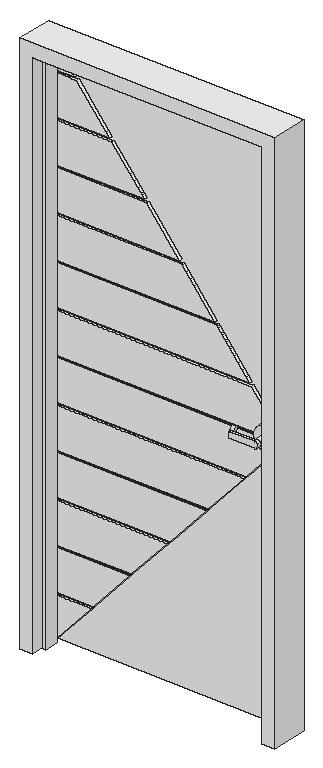
Revit family "two Modern_Door_Stripes__Puerta_Moderna_de_Madera_11028", category Doors, host Wall, Revit 2018
Family settings
  Host = Wall
  Always vertical = Yes
  Cut with Voids When Loaded = No
  Shared = No
  Room Calculation Point = No
Parameters (values of type "3'-0" x 7'-0" Wood_5.75" x 2"")
  Thickness = 0.04445 m
  Rough Width = R.O. Width  # 1.016 m
  Rough Height = R.O. Height  # 2.1844 m
  R.O. Width = Width + 0.1016 m  # 1.016 m
  R.O. Height = Height + Frame Head  # 2.1844 m
  Model = ""
  Height = 2.1336 m
  Wall Closure = By host
  Width = 0.9144 m
  Function = Interior
  Frame Offset [instance] = if(Centered in Wall, (Frame Depth / 2), Center Offset)  # 0.073025 m
  Frame Head = 0.0508 m
  Frame Depth = 0.14605 m
  Door Panel = Door - Wood Panel
  Door Frame = Door - H.M. Frame
  Description = ""
  Centered in Wall [instance] = yes
  Center Offset [instance] = 0.00 m
  Assembly Code = ""
Types (11, lengths in m): name | Rough Width | Rough Height | R.O. Width | R.O. Height | Model | Height | Width | Frame Offset | Frame Head | Frame Depth | Door Panel | Door Frame | Description
  3'-0" x 7'-0" Wood_5.75" x 4" | 1.016 | 2.2352 | 1.016 | 2.2352 | "" | 2.1336 | 0.9144 | 0.073025 | 0.1016 | 0.14605 | Door - Wood Panel | Door - H.M. Frame | ""
  3'-0" x 7'-0" Wood_5.75" x 2" | 1.016 | 2.1844 | 1.016 | 2.1844 | "" | 2.1336 | 0.9144 | 0.073025 | 0.0508 | 0.14605 | Door - Wood Panel | Door - H.M. Frame | ""
  3'-0" x 7'-0" Metal_5.75" x 2" | 1.016 | 2.1844 | 1.016 | 2.1844 | "" | 2.1336 | 0.9144 | 0.073025 | 0.0508 | 0.14605 | Door - H.M. Panel | Door - H.M. Frame | ""
  3'-0" x 7'-0" Metal_8.25" x 2" | 1.016 | 2.1844 | 1.016 | 2.1844 | "" | 2.1336 | 0.9144 | 0.104775 | 0.0508 | 0.20955 | Door - H.M. Panel | Door - H.M. Frame | ""
  3'-0" x 7'-0" Wood_8.25" x 2" | 1.016 | 2.1844 | 1.016 | 2.1844 | "" | 2.1336 | 0.9144 | 0.104775 | 0.0508 | 0.20955 | Door - Wood Panel | Door - H.M. Frame | ""
  PUERTA 80 | 0.80 | 2.1836 | 0.80 | 2.1836 | "" | 2.1336 | 0.6984 | 0.05 | 0.05 | 0.10 | Door - H.M. Panel | Door - H.M. Frame | ""
  PUERTA 90 | 0.90 | 2.18 | 0.90 | 2.18 | "" | 2.13 | 0.7984 | 0.065 | 0.05 | 0.13 | - DOOR WINDOW | - DOOR WINDOW | ""
  .8 x 2.2 m | 0.80 | 2.3016 | 0.80 | 2.3016 | "" | 2.20 | 0.6984 | 0.073025 | 0.1016 | 0.14605 | Door - Wood Panel | Door - H.M. Frame | ""
  P3 - 1 x 2.2 m | 1.1016 | 2.3016 | 1.1016 | 2.3016 | "P3" | 2.20 | 1.00 | 0.073025 | 0.1016 | 0.14605 | Madera de pino | Madera de pino | "Puerta Principal"
  P1 - 0.65 x 2.2 m | 0.7516 | 2.3016 | 0.7516 | 2.3016 | "P1" | 2.20 | 0.65 | 0.073025 | 0.1016 | 0.14605 | Madera de pino | Madera de pino | "clóset sótano"
  P2 - 0.8 x 2.2 m | 0.9016 | 2.3016 | 0.9016 | 2.3016 | "P2" | 2.20 | 0.80 | 0.073025 | 0.1016 | 0.14605 | Madera de pino | Madera de pino | "Puerta Secundaria"
Reference planes (m)
  plane 1 "Center (Front/Back)": y = 0
  plane 2 "Center (Left/Right)": x = 0
  plane 3 "Left": x = -0.508
  plane 4 "Right": x = 0.508
  plane 5 "Top": z = 2.1844
  plane 6 "Backset": x = 0.38735
  plane 7 "Lockset": z = 1.016
  plane 8: z = 2.1336
  plane 9: x = -0.4572
  plane 10: x = 0.4572
Forms (m)
  Extrusion 1, solid, material "Door - H.M. Frame", not visible
    sketch origin (1.8288, 0, 0.469734) x (1, 0, 0) y (0, 0, 1)
      loop
        circle (0.4572, -0.4572) r 0.04445
    from -0.0254 to 0
  Extrusion 2, solid, material "Door - H.M. Frame", not visible
    sketch origin (1.8288, 0, 0.469734) x (1, 0, 0) y (0, 0, 1)
      loop
        circle (0.4572, -0.4572) r 0.0127
    from -0.0762 to -0.0254
  Extrusion 3, solid, material "Door - H.M. Frame", not visible
    sketch origin (1.447038, -0.49726, 0) x (1, 0, 0) y (0, 1, 0)
      loop
        line (0.851662, 0.58616) -> (0.743732, 0.58616) -> (0.718297, 0.542105) -> (0.729301, 0.535752) -> (0.751072, 0.57346) -> (0.851662, 0.57346) -> (0.851662, 0.58616)
    from 0 to 0.0254
  Extrusion 4, solid, material "Door - H.M. Frame", not visible
    sketch origin (1.8288, 0, 0.469734) x (1, 0, 0) y (0, 0, 1)
      loop
        circle (0.4572, -0.4572) r 0.04445
    from -0.0254 to 0
  Extrusion 5, solid, material "Door - H.M. Frame", not visible
    sketch origin (1.8288, 0, 0.469734) x (1, 0, 0) y (0, 0, 1)
      loop
        circle (0.4572, -0.4572) r 0.0127
    from -0.0762 to -0.0254
  Extrusion 6, solid, material "Door - H.M. Frame", not visible
    sketch origin (1.447038, -0.49726, 0) x (1, 0, 0) y (0, 1, 0)
      loop
        line (0.851662, 0.58616) -> (0.743732, 0.58616) -> (0.718297, 0.542105) -> (0.729301, 0.535752) -> (0.751072, 0.57346) -> (0.851662, 0.57346) -> (0.851662, 0.58616)
    from 0 to 0.0254
  Extrusion 7, solid, material "Door - H.M. Frame", not visible
    sketch origin (1.8288, 0, 0.469734) x (1, 0, 0) y (0, 0, 1)
      loop
        circle (0.4572, -0.4572) r 0.04445
    from -0.0254 to 0
  Extrusion 8, solid, material "Door - H.M. Frame", not visible
    sketch origin (1.8288, 0, 0.469734) x (1, 0, 0) y (0, 0, 1)
      loop
        circle (0.4572, -0.4572) r 0.0127
    from -0.0762 to -0.0254
  Extrusion 9, solid, material "Door - H.M. Frame", not visible
    sketch origin (1.447038, -0.49726, 0) x (1, 0, 0) y (0, 1, 0)
      loop
        line (0.851662, 0.58616) -> (0.743732, 0.58616) -> (0.718297, 0.542105) -> (0.729301, 0.535752) -> (0.751072, 0.57346) -> (0.851662, 0.57346) -> (0.851662, 0.58616)
    from 0 to 0.0254
  Extrusion 10, solid, material "Door - H.M. Frame", not visible
    sketch origin (1.8288, 0, 0.469734) x (1, 0, 0) y (0, 0, 1)
      loop
        circle (0.4572, -0.4572) r 0.04445
    from -0.0254 to 0
  Extrusion 11, solid, material "Door - H.M. Frame", not visible
    sketch origin (1.8288, 0, 0.469734) x (1, 0, 0) y (0, 0, 1)
      loop
        circle (0.4572, -0.4572) r 0.0127
    from -0.0762 to -0.0254
  Extrusion 12, solid, material "Door - H.M. Frame", not visible
    sketch origin (1.447038, -0.49726, 0) x (1, 0, 0) y (0, 1, 0)
      loop
        line (0.851662, 0.58616) -> (0.743732, 0.58616) -> (0.718297, 0.542105) -> (0.729301, 0.535752) -> (0.751072, 0.57346) -> (0.851662, 0.57346) -> (0.851662, 0.58616)
    from 0 to 0.0254
  Extrusion 13, solid, not visible
    sketch origin (0, 0.073025, 0) x (-1, 0, 0) y (0, 0, 1)
      loop
        circle (-0.38735, 1.016) r 0.044138
    from 0 to 0.0127
  Extrusion 14, solid, not visible
    sketch origin (0, 0.073025, 0) x (-1, 0, 0) y (0, 0, 1)
      loop
        circle (-0.38735, 1.016) r 0.012773
    from 0.0127 to 0.0762
  Extrusion 15, solid, not visible
    sketch origin (0, 0.073025, 0) x (-1, 0, 0) y (0, 0, 1)
      loop
        line (-0.38735, 1.003227) -> (-0.285376, 1.003227) -> (-0.285376, 1.028582) -> (-0.38735, 1.028582) -> (-0.38735, 1.003227)
    from 0.0635 to 0.0762
  Extrusion 16, solid, not visible
    sketch origin (0.208679, -0.136018, 0) x (-0.5, -0.866025, 0) y (0, 0, 1)
      loop
        line (-0.285376, 1.003227) -> (-0.234576, 1.003227) -> (-0.234576, 1.028627) -> (-0.285376, 1.028627) -> (-0.285376, 1.003227)
    from 0.0635 to 0.0762
  Extrusion 17, solid, not visible
    sketch origin (0, 0.073025, 0) x (-1, 0, 0) y (0, 0, 1)
      loop
        circle (-0.38735, 1.016) r 0.044138
    from 0 to 0.0127
  Extrusion 18, solid, not visible
    sketch origin (0, 0.073025, 0) x (-1, 0, 0) y (0, 0, 1)
      loop
        circle (-0.38735, 1.016) r 0.012773
    from 0.0127 to 0.0762
  Extrusion 19, solid, not visible
    sketch origin (0, 0.073025, 0) x (-1, 0, 0) y (0, 0, 1)
      loop
        line (-0.38735, 1.003227) -> (-0.285376, 1.003227) -> (-0.285376, 1.028582) -> (-0.38735, 1.028582) -> (-0.38735, 1.003227)
    from 0.0635 to 0.0762
  Extrusion 20, solid, not visible
    sketch origin (0.208679, -0.136018, 0) x (-0.5, -0.866025, 0) y (0, 0, 1)
      loop
        line (-0.285376, 1.003227) -> (-0.234576, 1.003227) -> (-0.234576, 1.028627) -> (-0.285376, 1.028627) -> (-0.285376, 1.003227)
    from 0.0635 to 0.0762
  Extrusion 21, solid, not visible
    sketch origin (0, 0.028575, 0) x (-1, 0, 0) y (0, 0, -1)
      loop
        circle (-0.38735, -1.016) r 0.044138
    from 0 to 0.0127
  Extrusion 22, solid, not visible
    sketch origin (0, 0.028575, 0) x (-1, 0, 0) y (0, 0, -1)
      loop
        circle (-0.38735, -1.016) r 0.012773
    from 0.0127 to 0.0762
  Extrusion 23, solid, not visible
    sketch origin (0, 0.028575, 0) x (-1, 0, 0) y (0, 0, -1)
      loop
        line (-0.38735, -1.003227) -> (-0.38735, -1.028582) -> (-0.285376, -1.028582) -> (-0.285376, -1.003227) -> (-0.38735, -1.003227)
    from 0.0635 to 0.0762
  Extrusion 24, solid, not visible
    sketch origin (0.208679, 0.237618, 0) x (-0.5, 0.866025, 0) y (0, 0, -1)
      loop
        line (-0.285376, -1.003227) -> (-0.285376, -1.028627) -> (-0.234576, -1.028627) -> (-0.234576, -1.003227) -> (-0.285376, -1.003227)
    from 0.0635 to 0.0762
  Extrusion 25, solid, not visible
    sketch origin (0.007551, 0.073025, 0.00325) x (-1, 0, 0) y (0, 0, 1)
      loop
        circle (-0.38735, 1.016) r 0.044138
    from 0 to 0.0127
  Extrusion 26, solid, not visible
    sketch origin (0.007551, 0.073025, 0.00325) x (-1, 0, 0) y (0, 0, 1)
      loop
        circle (-0.38735, 1.016) r 0.012773
    from 0.0127 to 0.0762
  Extrusion 27, solid, not visible
    sketch origin (0.007551, 0.073025, 0.00325) x (-1, 0, 0) y (0, 0, 1)
      loop
        line (-0.38735, 1.003227) -> (-0.285376, 1.003227) -> (-0.285376, 1.028582) -> (-0.38735, 1.028582) -> (-0.38735, 1.003227)
    from 0.0635 to 0.0762
  Extrusion 28, solid, not visible
    sketch origin (0.21623, -0.136018, 0.00325) x (-0.5, -0.866025, 0) y (0, 0, 1)
      loop
        line (-0.285376, 1.003227) -> (-0.234576, 1.003227) -> (-0.234576, 1.028627) -> (-0.285376, 1.028627) -> (-0.285376, 1.003227)
    from 0.0635 to 0.0762
  Extrusion 29, solid, not visible
    sketch origin (0.007551, 0.028575, 0.00325) x (-1, 0, 0) y (0, 0, -1)
      loop
        circle (-0.38735, -1.016) r 0.044138
    from 0 to 0.0127
  Extrusion 30, solid, not visible
    sketch origin (0.007551, 0.028575, 0.00325) x (-1, 0, 0) y (0, 0, -1)
      loop
        circle (-0.38735, -1.016) r 0.012773
    from 0.0127 to 0.0762
  Extrusion 31, solid, not visible
    sketch origin (0.007551, 0.028575, 0.00325) x (-1, 0, 0) y (0, 0, -1)
      loop
        line (-0.38735, -1.003227) -> (-0.38735, -1.028582) -> (-0.285376, -1.028582) -> (-0.285376, -1.003227) -> (-0.38735, -1.003227)
    from 0.0635 to 0.0762
  Extrusion 32, solid, not visible
    sketch origin (0.21623, 0.237618, 0.00325) x (-0.5, 0.866025, 0) y (0, 0, -1)
      loop
        line (-0.285376, -1.003227) -> (-0.285376, -1.028627) -> (-0.234576, -1.028627) -> (-0.234576, -1.003227) -> (-0.285376, -1.003227)
    from 0.0635 to 0.0762
  Sweep 33, solid, material "- DOOR WINDOW"
    path origin (0.4572, 0.073025, 0) x (0, 0, 1) y (1, 0, 0)
      loop
        line (0, 0.0508) -> (2.1336, 0.0508)
    profile origin (0.508, 0.073025, 1.0668) x (1, 0, 0) y (0, 1, 0)
      loop
        line (0, 0) -> (-0.0508, 0) -> (-0.0508, -0.04445) -> (-0.066675, -0.04445) -> (-0.066675, -0.1016) -> (-0.0508, -0.1016) -> (-0.0508, -0.14605) -> (0, -0.14605) -> (0, 0)
  Sweep 34, solid, material "- DOOR WINDOW"
    path origin (-0.4572, 0.073025, 0) x (0, 0, 1) y (1, 0, 0)
      loop
        line (0, -0.0508) -> (2.1336, -0.0508)
    profile origin (-0.508, 0.073025, 1.0668) x (1, 0, 0) y (0, 1, 0)
      loop
        line (0, 0) -> (0, -0.14605) -> (0.0508, -0.14605) -> (0.0508, -0.1016) -> (0.066675, -0.1016) -> (0.066675, -0.04445) -> (0.0508, -0.04445) -> (0.0508, 0) -> (0, 0)
  Sweep 35, solid, material "- DOOR WINDOW"
    path origin (0.4572, 0.073025, 0) x (0, 0, 1) y (1, 0, 0)
      loop
        line (2.1844, 0.0508) -> (2.1844, -0.9652)
    profile origin (0, 0.073025, 2.1844) x (0, 0, 1) y (0, 1, 0)
      loop
        line (0, 0) -> (-0.0508, 0) -> (-0.0508, -0.04445) -> (-0.066675, -0.04445) -> (-0.066675, -0.1016) -> (-0.0508, -0.1016) -> (-0.0508, -0.14605) -> (0, -0.14605) -> (0, 0)
  Extrusion 36, solid, material "- DOOR WINDOW"
    sketch origin (0.4572, 0.063025, 0) x (0, 0, 1) y (1, 0, 0)
      loop
        line (2.1336, 0) -> (0, 0) -> (0, -0.9144) -> (2.1336, -0.9144) -> (2.1336, 0)
    from 0 to -0.01
  Extrusion 37, solid, material "- DOOR WINDOW"
    sketch origin (0.4572, 0.053025, 0.005) x (0, 0, 1) y (1, 0, 0)
      loop
        line (0.155, -0.770965) -> (-0.005, -0.9144) -> (0.155, -0.9144) -> (0.155, -0.770965)
      loop
        line (0.325, -0.618565) -> (0.165, -0.762) -> (0.165, -0.9144) -> (0.325, -0.9144) -> (0.325, -0.618565)
      loop
        line (0.495, -0.466165) -> (0.335, -0.6096) -> (0.335, -0.9144) -> (0.495, -0.9144) -> (0.495, -0.466165)
      loop
        line (0.665, -0.313765) -> (0.505, -0.4572) -> (0.505, -0.9144) -> (0.665, -0.9144) -> (0.665, -0.313765)
      loop
        line (0.835, -0.161365) -> (0.675, -0.3048) -> (0.675, -0.9144) -> (0.835, -0.9144) -> (0.835, -0.161365)
      loop
        line (1.005, -0.008965) -> (0.845, -0.1524) -> (0.845, -0.9144) -> (1.005, -0.9144) -> (1.005, -0.008965)
      loop
        line (1.175, -0.131379) -> (1.015, 0) -> (1.015, -0.9144) -> (1.175, -0.9144) -> (1.175, -0.131379)
      loop
        line (1.345, -0.27097) -> (1.185, -0.139591) -> (1.185, -0.9144) -> (1.345, -0.9144) -> (1.345, -0.27097)
      loop
        line (1.515, -0.41056) -> (1.355, -0.279181) -> (1.355, -0.9144) -> (1.515, -0.9144) -> (1.515, -0.41056)
      loop
        line (1.685, -0.550151) -> (1.525, -0.418772) -> (1.525, -0.9144) -> (1.685, -0.9144) -> (1.685, -0.550151)
      loop
        line (1.855, -0.689741) -> (1.695, -0.558362) -> (1.695, -0.9144) -> (1.855, -0.9144) -> (1.855, -0.689741)
      loop
        line (2.025, -0.829332) -> (1.865, -0.697953) -> (1.865, -0.9144) -> (2.025, -0.9144) -> (2.025, -0.829332)
      loop
        line (2.035, -0.9144) -> (2.1286, -0.9144) -> (2.035, -0.837543) -> (2.035, -0.9144)
    from 0 to -0.01
  Extrusion 38, solid, material "- DOOR WINDOW"
    sketch origin (0.4572, 0.073025, 0.005) x (0, 0, 1) y (1, 0, 0)
      loop
        line (0.155, 0) -> (-0.005, 0) -> (-0.005, -0.9144) -> (0.155, -0.9144) -> (0.155, 0)
      loop
        line (0.325, 0) -> (0.165, 0) -> (0.165, -0.9144) -> (0.325, -0.9144) -> (0.325, 0)
      loop
        line (0.495, 0) -> (0.335, 0) -> (0.335, -0.9144) -> (0.495, -0.9144) -> (0.495, 0)
      loop
        line (0.665, 0) -> (0.505, 0) -> (0.505, -0.9144) -> (0.665, -0.9144) -> (0.665, 0)
      loop
        line (0.835, 0) -> (0.675, 0) -> (0.675, -0.9144) -> (0.835, -0.9144) -> (0.835, 0)
      loop
        line (1.005, 0) -> (0.845, 0) -> (0.845, -0.9144) -> (1.005, -0.9144) -> (1.005, 0)
      loop
        line (1.175, 0) -> (1.015, 0) -> (1.015, -0.9144) -> (1.175, -0.9144) -> (1.175, 0)
      loop
        line (1.345, 0) -> (1.185, 0) -> (1.185, -0.9144) -> (1.345, -0.9144) -> (1.345, 0)
      loop
        line (1.515, 0) -> (1.355, 0) -> (1.355, -0.9144) -> (1.515, -0.9144) -> (1.515, 0)
      loop
        line (1.685, 0) -> (1.525, 0) -> (1.525, -0.9144) -> (1.685, -0.9144) -> (1.685, 0)
      loop
        line (1.855, 0) -> (1.695, 0) -> (1.695, -0.9144) -> (1.855, -0.9144) -> (1.855, 0)
      loop
        line (2.025, 0) -> (1.865, 0) -> (1.865, -0.9144) -> (2.025, -0.9144) -> (2.025, 0)
      loop
        line (2.1286, 0) -> (2.035, 0) -> (2.035, -0.9144) -> (2.1286, -0.9144) -> (2.1286, 0)
    from 0 to -0.01
Cuts and joins
  joined: Sweep 33, Sweep 34, Sweep 35
Lines and regions (m)
  Opening 1
    outline origin (-1.524, -0.0762, 0) x (1, 0, 0) y (0, 0, 1)
      loop
        line (2.032, 0) -> (2.032, 2.1844) -> (1.016, 2.1844) -> (1.016, 0) -> (2.032, 0)
  symbolic lines, style "DoorsOpeningProjection"
    curve 1: line (0.508, 0, 0) -> (0.508, 0, 2.1844)
    curve 2: line (0.508, 0, 2.1844) -> (-0.508, 0, 2.1844)
    curve 3: line (-0.508, 0, 2.1844) -> (-0.508, 0, 0)
    curve 4: line (-0.508, 0, 0) -> (0.508, 0, 0)
  symbolic lines, style "Elevation Swing"
    curve 5: line (0.4572, 0, 2.1336) -> (-0.4572, 0, 1.02)
    curve 6: line (0.4572, 0, 0) -> (-0.4572, 0, 1.02)
  symbolic lines, style "DoorsPanelProjection"
    curve 7: line (-0.4572, 0.073025, 0) -> (-0.4572, 0.987425, 0)
    curve 8: line (-0.4572, 0.987425, 0) -> (-0.41275, 0.987425, 0)
    curve 9: line (-0.41275, 0.987425, 0) -> (-0.41275, 0.073025, 0)
    curve 10: line (-0.41275, 0.073025, 0) -> (-0.4572, 0.073025, 0)
  symbolic lines, style "Plan Swing"
    curve 11: arc (0.4572, 0.073025, 0) -> (0.189378, 0.719603, 0) -> (-0.4572, 0.987425, 0) r 0.9144
Text (m)
  text "Exterior" at (-1.49041, 0.693701, 0), in view "Floor Line"
  text "Interior" at (-1.48203, -0.638649, 0), in view "Floor Line"
  text "Exterior" at (0, 1.019848, 3.124603), in view "Right"
  text "Interior" at (0, -1.635541, 3.124603), in view "Right"
  text "Interior" at (0, -0.787806, 3.124376), in view "Left"
  text "Exterior" at (0, 1.386095, 3.124376), in view "Left"
Dimensions and locks (m)
  equal spacing: plane 3 "Left", plane 2 "Center (Left/Right)", plane 4 "Right"  (x2)
  plane 3 "Left" to plane 4 "Right" = 1.016 m
  "R.O. Height": level to plane 5 "Top"
  "R.O. Width": plane 3 "Left" to plane 4 "Right"
  locked: level to plane 7 "Lockset" at 1.016
  locked: plane 6 "Backset" to plane 4 "Right" at 0.12065
  "Width": curve 8 to curve 10
  "Thickness": curve 9 to curve 7
  level to curve 6 = 1.02 m
  locked: plane 10 to plane 4 "Right" at 0.0508
  locked: plane 3 "Left" to plane 9 at 0.0508
  locked: Sweep 33 sketch curve to plane 10 at 0.015875
  "Frame Depth": Sweep 33 sketch curve to Sweep 33 sketch curve
  "Frame Offset": host wall to Sweep 33 sketch curve
  "Thickness": Sweep 33 sketch curve to Sweep 33 sketch curve  (x2)
  "Frame Depth": Sweep 34 sketch curve to Sweep 34 sketch curve
  "Thickness": Sweep 34 sketch curve to Sweep 34 sketch curve  (x2)
  "Height": level to plane 8
  "Frame Offset": host wall to Sweep 34 sketch curve
  locked: plane 9 to Sweep 34 sketch curve at 0.015875
  "Frame Depth": Sweep 35 sketch curve to Sweep 35 sketch curve
  "Frame Offset": Sweep 35 sketch curve to host wall
  "Thickness": Sweep 35 sketch curve to Sweep 35 sketch curve  (x2)
  locked: plane 8 to Sweep 35 sketch curve at 0.015875
  aligned and locked: level to Opening 1 sketch curve
  aligned and locked: plane 7 "Lockset" to nested 1
  aligned and locked: plane 6 "Backset" to nested 1
  aligned: nested 2 to plane 7 "Lockset"
  aligned: plane 6 "Backset" to nested 2
  aligned and locked: plane 4 "Right" to Sweep 33 sketch curve
  aligned and locked: plane 8 to Sweep 33 sketch curve
  aligned and locked: level to Sweep 33 sketch curve
  aligned and locked: Sweep 33 sketch curve to plane 4 "Right"
  aligned and locked: Sweep 33 sketch curve to plane 10  (x2)
  aligned and locked: plane 3 "Left" to Sweep 34 sketch curve
  aligned and locked: plane 8 to Sweep 34 sketch curve
  aligned and locked: level to Sweep 34 sketch curve
  aligned and locked: Sweep 34 sketch curve to plane 3 "Left"
  aligned and locked: Sweep 34 sketch curve to plane 9  (x2)
  aligned and locked: plane 5 "Top" to Sweep 35 sketch curve
  aligned and locked: plane 3 "Left" to Sweep 35 sketch curve
  aligned and locked: plane 4 "Right" to Sweep 35 sketch curve
  aligned and locked: Sweep 35 sketch curve to plane 5 "Top"
  aligned and locked: Sweep 35 sketch curve to plane 8  (x2)
  aligned and locked: plane 9 to curve 7
Automatic sketch dimensions
  Extrusion 3 sketch curve to Extrusion 3 sketch curve = 0.011005 m
  Extrusion 3 sketch curve to Extrusion 3 sketch curve = 0.025435 m
  Extrusion 3 sketch curve to Extrusion 3 sketch curve = 0.00734 m
  Extrusion 3 sketch curve to Extrusion 3 sketch curve = 0.10059 m
  Extrusion 3 sketch curve to Extrusion 3 sketch curve = 0.006354 m
  Extrusion 6 sketch curve to Extrusion 6 sketch curve = 0.011005 m
  Extrusion 6 sketch curve to Extrusion 6 sketch curve = 0.025435 m
  Extrusion 6 sketch curve to Extrusion 6 sketch curve = 0.00734 m
  Extrusion 6 sketch curve to Extrusion 6 sketch curve = 0.10059 m
  Extrusion 6 sketch curve to Extrusion 6 sketch curve = 0.006354 m
  Extrusion 9 sketch curve to Extrusion 9 sketch curve = 0.011005 m
  Extrusion 9 sketch curve to Extrusion 9 sketch curve = 0.025435 m
  Extrusion 9 sketch curve to Extrusion 9 sketch curve = 0.00734 m
  Extrusion 9 sketch curve to Extrusion 9 sketch curve = 0.10059 m
  Extrusion 9 sketch curve to Extrusion 9 sketch curve = 0.006354 m
  Extrusion 12 sketch curve to Extrusion 12 sketch curve = 0.011005 m
  Extrusion 12 sketch curve to Extrusion 12 sketch curve = 0.025435 m
  Extrusion 12 sketch curve to Extrusion 12 sketch curve = 0.00734 m
  Extrusion 12 sketch curve to Extrusion 12 sketch curve = 0.10059 m
  Extrusion 12 sketch curve to Extrusion 12 sketch curve = 0.006354 m
  Extrusion 16 sketch curve to Extrusion 16 sketch curve = 0.0508 m
  Extrusion 20 sketch curve to Extrusion 20 sketch curve = 0.0508 m
  Extrusion 24 sketch curve to Extrusion 24 sketch curve = 0.0508 m
  Extrusion 28 sketch curve to Extrusion 28 sketch curve = 0.0508 m
  Extrusion 32 sketch curve to Extrusion 32 sketch curve = 0.0508 m
  plane 3 "Left" to Opening 1 sketch curve = 0.00 m
  plane 4 "Right" to Opening 1 sketch curve = 0.00 m
  Opening 1 sketch curve to plane 5 "Top" = 0.00 m
  curve 11 to plane 10 = 0.00 m
  curve 7 to host wall = 0.003175 m
  curve 3 to level = 0.00 m
  plane 3 "Left" to curve 3 = 0.00 m
  plane 4 "Right" to curve 2 = 0.00 m
  curve 3 to plane 5 "Top" = 0.00 m
  Extrusion 36 sketch curve to level = 0.00 m
  Extrusion 36 sketch curve to plane 8 = 0.00 m
  Extrusion 36 sketch curve to plane 9 = 0.00 m
  Extrusion 36 sketch curve to plane 10 = 0.00 m
  Extrusion 38 sketch curve to level = 0.00 m
  Extrusion 38 sketch curve to plane 9 = 0.00 m  (x13)
  Extrusion 38 sketch curve to plane 10 = 0.00 m  (x13)
  Extrusion 38 sketch curve to plane 8 = 0.00 m
  Extrusion 38 sketch curve to Extrusion 38 sketch curve = 0.16 m  (x11)
  Extrusion 38 sketch curve to Extrusion 38 sketch curve = 0.01 m  (x11)
  plane 7 "Lockset" to Extrusion 38 sketch curve = 0.006 m
  Extrusion 38 sketch curve to plane 7 "Lockset" = 0.004 m
  curve 5 to plane 8 = 0.00 m
  curve 6 to plane 9 = 0.00 m
  curve 6 to level = 0.00 m
  curve 6 to plane 10 = 0.00 m
  curve 5 to plane 10 = 0.00 m
  curve 6 to plane 7 "Lockset" = 0.004 m
  Extrusion 37 sketch curve to plane 9 = 0.00 m  (x13)
  Extrusion 37 sketch curve to plane 10 = 0.00 m
  Extrusion 37 sketch curve to plane 8 = 0.00 m
  Extrusion 37 sketch curve to Extrusion 37 sketch curve = 0.16 m  (x10)
  Extrusion 37 sketch curve to Extrusion 37 sketch curve = 0.01 m  (x11)
  plane 7 "Lockset" to Extrusion 37 sketch curve = 0.006 m
  Extrusion 37 sketch curve to plane 7 "Lockset" = 0.004 m
  Extrusion 37 sketch curve to level = 0.00 m
  Extrusion 37 sketch curve to plane 10 = 0.008965 m
  Extrusion 37 sketch curve to plane 8 = 0.1036 m
  plane 9 to Extrusion 37 sketch curve = 0.076857 m
  Extrusion 37 sketch curve to Extrusion 37 sketch curve = 0.008211 m  (x4)
  plane 9 to Extrusion 37 sketch curve = 0.216447 m
  Extrusion 37 sketch curve to plane 2 "Center (Left/Right)" = 0.101162 m
  plane 2 "Center (Left/Right)" to Extrusion 37 sketch curve = 0.038428 m
  plane 2 "Center (Left/Right)" to Extrusion 37 sketch curve = 0.178019 m
  plane 6 "Backset" to Extrusion 37 sketch curve = 0.069741 m
  plane 6 "Backset" to Extrusion 37 sketch curve = 0.091515 m
  plane 2 "Center (Left/Right)" to Extrusion 37 sketch curve = 0.143435 m
  Extrusion 37 sketch curve to Extrusion 37 sketch curve = 0.008965 m  (x4)
  Extrusion 37 sketch curve to plane 2 "Center (Left/Right)" = 0.00 m
  Extrusion 37 sketch curve to plane 2 "Center (Left/Right)" = 0.008965 m
  Extrusion 37 sketch curve to plane 2 "Center (Left/Right)" = 0.161365 m
  plane 9 to Extrusion 37 sketch curve = 0.143435 m
  Extrusion 37 sketch curve to plane 2 "Center (Left/Right)" = 0.092951 m
  plane 6 "Backset" to Extrusion 37 sketch curve = 0.061529 m
  radius of Extrusion 1 sketch curve = 0.04445 m
  radius of Extrusion 2 sketch curve = 0.0127 m
  radius of Extrusion 4 sketch curve = 0.04445 m
  radius of Extrusion 5 sketch curve = 0.0127 m
  radius of Extrusion 7 sketch curve = 0.04445 m
  radius of Extrusion 8 sketch curve = 0.0127 m
  radius of Extrusion 10 sketch curve = 0.04445 m
  radius of Extrusion 11 sketch curve = 0.0127 m
  radius of Extrusion 13 sketch curve = 0.044138 m
  radius of Extrusion 14 sketch curve = 0.012773 m
  radius of Extrusion 17 sketch curve = 0.044138 m
  radius of Extrusion 18 sketch curve = 0.012773 m
  radius of Extrusion 21 sketch curve = 0.044138 m
  radius of Extrusion 22 sketch curve = 0.012773 m
  radius of Extrusion 25 sketch curve = 0.044138 m
  radius of Extrusion 26 sketch curve = 0.012773 m
  radius of Extrusion 29 sketch curve = 0.044138 m
  radius of Extrusion 30 sketch curve = 0.012773 m
Nested families (m)
  nested 1: "Hardware_Lever Latchset" at (0.38735, 0.073025, 1.016) x (-1, 0, 0) z (0, 1, 0), type "Lever Latchset"
  nested 2: "Hardware_Lever Latchset" at (0.387425, 0.043025, 1.020938) x (-1, 0, 0) z (0, -1, 0), type "Lever Latchset"
Definition of nested family "Hardware_Lever Latchset"
  Parameters
    Latchset Material = none
    Default Elevation = 1.0668 m
  Reference planes (m)
    plane 1 "Center (Front/Back)": y = 0
    plane 2: z = 0
    plane 3 "Center (Left/Right)": x = 0
  Forms (m)
    Extrusion 1, solid
      sketch origin (0, 0, 0) x (1, 0, 0) y (0, 1, 0)
        loop
          line (-1.2192, 1.2192) -> (-1.2192, -1.2192) -> (1.2192, -1.2192) -> (1.2192, 1.2192) -> (-1.2192, 1.2192)
      from 0 to -0.3048
    Extrusion 2, solid, material <- "Latchset Material"
      sketch origin (0, 0, 0) x (1, 0, 0) y (0, 1, 0)
        loop
          circle (0, 0) r 0.04445
      from 0 to 0.0127
    Extrusion 3, solid, material <- "Latchset Material"
      sketch origin (0, 0, 0) x (1, 0, 0) y (0, 1, 0)
        loop
          circle (0, 0) r 0.0127
      from 0.0127 to 0.0508
    Extrusion 4, solid, material <- "Latchset Material"
      sketch origin (0, 0, 0) x (1, 0, 0) y (0, 1, 0)
        loop
          line (0.1016, -0.009525) -> (0.1016, 0.009525) -> (0.000397, 0.012694)
          arc (0.000397, 0.012694) -> (-0.0127, 0) -> (0.000397, -0.012694) r 0.0127
          line (0.000397, -0.012694) -> (0.1016, -0.009525)
      from 0.0508 to 0.0635
    Extrusion 5, solid, material <- "Latchset Material"
      sketch origin (0.047152, 0, 0.150214) x (-0.422618, 0, 0.906308) y (0, 1, 0)
        loop
          line (-0.1016, 0.009525) -> (-0.1143, 0.009525) -> (-0.1524, 0.00635) -> (-0.1524, -0.00635) -> (-0.1143, -0.009525) -> (-0.1016, -0.009525) -> (-0.1016, 0.009525)
      from -0.0127 to 0
  Cuts and joins
    joined: Extrusion 2, Extrusion 3, Extrusion 4, Extrusion 5
  Dimensions and locks (m)
    aligned and locked: plane 2 to Extrusion 1
    aligned and locked: level to Extrusion 1
    aligned and locked: Extrusion 3 to Extrusion 2
    aligned and locked: Extrusion 2 to level
